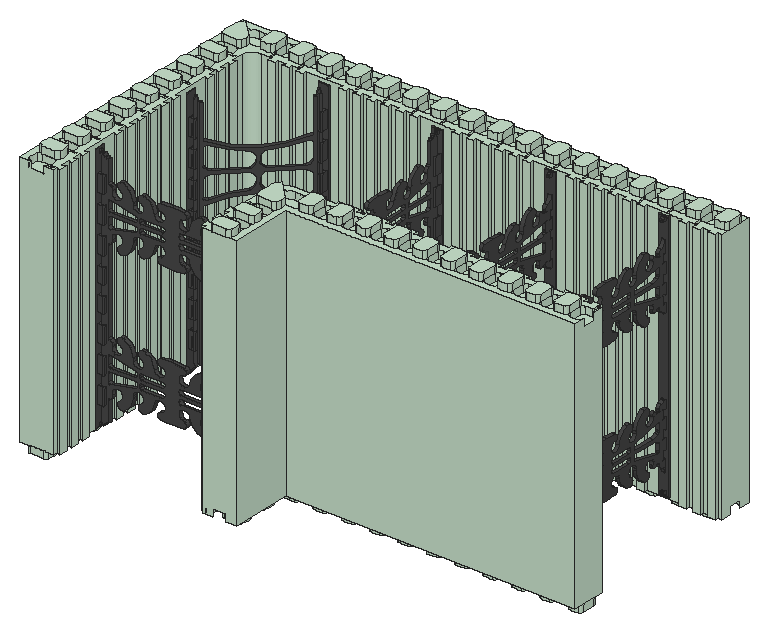
Revit family "ICF- NUDURA 10-inch- 90 Degree Form Unit- Imperial", category Generic Models, Revit 2010 (continued)
Definition of nested family "NUDURA Diamond Pattern Missing Left Line"
  Lines and regions (in)
    model lines
      curve 74: arc (3.81706, -5.625, 10.69822) -> (3.99384, -5.625, 10.625) -> (4.17062, -5.625, 10.69822) r 0.25
      curve 75: line (4.17062, -5.625, 10.69822) -> (4.54562, -5.625, 11.07322)
      curve 76: arc (4.54562, -5.625, 11.07322) -> (4.61884, -5.625, 11.25) -> (4.54562, -5.625, 11.42678) r 0.25
      curve 77: line (4.54562, -5.625, 11.42678) -> (4.17062, -5.625, 11.80178)
      curve 78: arc (3.69709, -5.625, 10.35858) -> (3.75567, -5.625, 10.5) -> (3.69709, -5.625, 10.64142) r 0.2
      curve 79: line (4.634, -5.625, 10.01517) -> (4.29059, -5.625, 10.35858)
      curve 80: arc (4.634, -5.625, 9.48484) -> (4.74384, -5.625, 9.75) -> (4.634, -5.625, 10.01517) r 0.375
      curve 81: line (4.29059, -5.625, 9.14142) -> (4.634, -5.625, 9.48484)
      curve 82: line (3.35367, -5.625, 9.48484) -> (3.69709, -5.625, 9.14142)
      curve 83: arc (3.35367, -5.625, 10.01517) -> (3.24384, -5.625, 9.75) -> (3.35367, -5.625, 9.48484) r 0.375
      curve 84: line (3.69709, -5.625, 10.35858) -> (3.35367, -5.625, 10.01517)
      curve 85: arc (4.17062, -5.625, 10.30178) -> (3.99384, -5.625, 10.375) -> (3.81706, -5.625, 10.30178) r 0.25
      curve 86: line (3.81706, -5.625, 10.30178) -> (3.44206, -5.625, 9.92678)
      curve 87: arc (3.44206, -5.625, 9.92678) -> (3.36884, -5.625, 9.75) -> (3.44206, -5.625, 9.57322) r 0.25
      curve 88: line (3.44206, -5.625, 9.57322) -> (3.81706, -5.625, 9.19822)
      curve 89: arc (3.81706, -5.625, 9.19822) -> (3.99384, -5.625, 9.125) -> (4.17062, -5.625, 9.19822) r 0.25
      curve 90: line (4.17062, -5.625, 9.19822) -> (4.54562, -5.625, 9.57322)
      curve 91: arc (4.54562, -5.625, 9.57322) -> (4.61884, -5.625, 9.75) -> (4.54562, -5.625, 9.92678) r 0.25
      curve 92: line (4.54562, -5.625, 9.92678) -> (4.17062, -5.625, 10.30178)
      curve 93: arc (3.69709, -5.625, 8.85858) -> (3.75567, -5.625, 9) -> (3.69709, -5.625, 9.14142) r 0.2
      curve 94: line (4.634, -5.625, 8.51517) -> (4.29059, -5.625, 8.85858)
      curve 95: arc (4.634, -5.625, 7.98484) -> (4.74384, -5.625, 8.25) -> (4.634, -5.625, 8.51517) r 0.375
      curve 96: line (4.29059, -5.625, 7.64142) -> (4.634, -5.625, 7.98484)
      curve 97: line (3.35367, -5.625, 7.98484) -> (3.69709, -5.625, 7.64142)
      curve 98: arc (3.35367, -5.625, 8.51517) -> (3.24384, -5.625, 8.25) -> (3.35367, -5.625, 7.98484) r 0.375
      curve 99: line (3.69709, -5.625, 8.85858) -> (3.35367, -5.625, 8.51517)
      curve 100: arc (4.17062, -5.625, 8.80178) -> (3.99384, -5.625, 8.875) -> (3.81706, -5.625, 8.80178) r 0.25
      curve 101: line (3.81706, -5.625, 8.80178) -> (3.44206, -5.625, 8.42678)
      curve 102: arc (3.44206, -5.625, 8.42678) -> (3.36884, -5.625, 8.25) -> (3.44206, -5.625, 8.07322) r 0.25
      curve 103: line (3.44206, -5.625, 8.07322) -> (3.81706, -5.625, 7.69822)
      curve 104: arc (3.81706, -5.625, 7.69822) -> (3.99384, -5.625, 7.625) -> (4.17062, -5.625, 7.69822) r 0.25
      curve 105: line (4.17062, -5.625, 7.69822) -> (4.54562, -5.625, 8.07322)
      curve 106: arc (4.54562, -5.625, 8.07322) -> (4.61884, -5.625, 8.25) -> (4.54562, -5.625, 8.42678) r 0.25
      curve 107: line (4.54562, -5.625, 8.42678) -> (4.17062, -5.625, 8.80178)
      curve 108: arc (3.69709, -5.625, 7.35858) -> (3.75567, -5.625, 7.5) -> (3.69709, -5.625, 7.64142) r 0.2
      curve 109: line (4.634, -5.625, 7.01517) -> (4.29059, -5.625, 7.35858)
      curve 110: arc (4.634, -5.625, 6.48484) -> (4.74384, -5.625, 6.75) -> (4.634, -5.625, 7.01517) r 0.375
      curve 111: line (4.29059, -5.625, 6.14142) -> (4.634, -5.625, 6.48484)
      curve 112: line (3.35367, -5.625, 6.48484) -> (3.69709, -5.625, 6.14142)
      curve 113: arc (3.35367, -5.625, 7.01517) -> (3.24384, -5.625, 6.75) -> (3.35367, -5.625, 6.48484) r 0.375
      curve 114: line (3.69709, -5.625, 7.35858) -> (3.35367, -5.625, 7.01517)
      curve 115: arc (4.17062, -5.625, 7.30178) -> (3.99384, -5.625, 7.375) -> (3.81706, -5.625, 7.30178) r 0.25
      curve 116: line (3.81706, -5.625, 7.30178) -> (3.44206, -5.625, 6.92678)
      curve 117: arc (3.44206, -5.625, 6.92678) -> (3.36884, -5.625, 6.75) -> (3.44206, -5.625, 6.57322) r 0.25
      curve 118: line (3.44206, -5.625, 6.57322) -> (3.81706, -5.625, 6.19822)
      curve 119: arc (3.81706, -5.625, 6.19822) -> (3.99384, -5.625, 6.125) -> (4.17062, -5.625, 6.19822) r 0.25
      curve 120: line (4.17062, -5.625, 6.19822) -> (4.54562, -5.625, 6.57322)
      curve 121: arc (4.54562, -5.625, 6.57322) -> (4.61884, -5.625, 6.75) -> (4.54562, -5.625, 6.92678) r 0.25
      curve 122: line (4.54562, -5.625, 6.92678) -> (4.17062, -5.625, 7.30178)
      curve 123: arc (3.69709, -5.625, 5.85858) -> (3.75567, -5.625, 6) -> (3.69709, -5.625, 6.14142) r 0.2
      curve 124: line (4.634, -5.625, 5.51517) -> (4.29059, -5.625, 5.85858)
      curve 125: arc (4.634, -5.625, 4.98484) -> (4.74384, -5.625, 5.25) -> (4.634, -5.625, 5.51517) r 0.375
      curve 126: line (4.29059, -5.625, 4.64142) -> (4.634, -5.625, 4.98484)
      curve 127: line (3.35367, -5.625, 4.98484) -> (3.69709, -5.625, 4.64142)
      curve 128: arc (3.35367, -5.625, 5.51517) -> (3.24384, -5.625, 5.25) -> (3.35367, -5.625, 4.98484) r 0.375
      curve 129: line (3.69709, -5.625, 5.85858) -> (3.35367, -5.625, 5.51517)
      curve 130: arc (4.17062, -5.625, 5.80178) -> (3.99384, -5.625, 5.875) -> (3.81706, -5.625, 5.80178) r 0.25
      curve 131: line (3.81706, -5.625, 5.80178) -> (3.44206, -5.625, 5.42678)
      curve 132: arc (3.44206, -5.625, 5.42678) -> (3.36884, -5.625, 5.25) -> (3.44206, -5.625, 5.07322) r 0.25
      curve 133: line (3.44206, -5.625, 5.07322) -> (3.81706, -5.625, 4.69822)
      curve 134: arc (3.81706, -5.625, 4.69822) -> (3.99384, -5.625, 4.625) -> (4.17062, -5.625, 4.69822) r 0.25
      curve 135: line (4.17062, -5.625, 4.69822) -> (4.54562, -5.625, 5.07322)
      curve 136: arc (4.54562, -5.625, 5.07322) -> (4.61884, -5.625, 5.25) -> (4.54562, -5.625, 5.42678) r 0.25
      curve 137: line (4.54562, -5.625, 5.42678) -> (4.17062, -5.625, 5.80178)
      curve 138: arc (3.69709, -5.625, 4.35858) -> (3.75567, -5.625, 4.5) -> (3.69709, -5.625, 4.64142) r 0.2
      curve 139: line (4.634, -5.625, 4.01517) -> (4.29059, -5.625, 4.35858)
      curve 140: arc (4.634, -5.625, 3.48484) -> (4.74384, -5.625, 3.75) -> (4.634, -5.625, 4.01517) r 0.375
      curve 141: line (4.29059, -5.625, 3.14142) -> (4.634, -5.625, 3.48484)
      curve 142: line (3.35367, -5.625, 3.48484) -> (3.69709, -5.625, 3.14142)
      curve 143: arc (3.35367, -5.625, 4.01517) -> (3.24384, -5.625, 3.75) -> (3.35367, -5.625, 3.48484) r 0.375
      curve 144: line (3.69709, -5.625, 4.35858) -> (3.35367, -5.625, 4.01517)
      curve 145: arc (4.17062, -5.625, 4.30178) -> (3.99384, -5.625, 4.375) -> (3.81706, -5.625, 4.30178) r 0.25
      curve 146: line (3.81706, -5.625, 4.30178) -> (3.44206, -5.625, 3.92678)
      curve 147: arc (3.44206, -5.625, 3.92678) -> (3.36884, -5.625, 3.75) -> (3.44206, -5.625, 3.57322) r 0.25
      curve 148: line (3.44206, -5.625, 3.57322) -> (3.81706, -5.625, 3.19822)
      curve 149: arc (3.81706, -5.625, 3.19822) -> (3.99384, -5.625, 3.125) -> (4.17062, -5.625, 3.19822) r 0.25
      curve 150: line (4.17062, -5.625, 3.19822) -> (4.54562, -5.625, 3.57322)
      curve 151: arc (4.54562, -5.625, 3.57322) -> (4.61884, -5.625, 3.75) -> (4.54562, -5.625, 3.92678) r 0.25
      curve 152: line (4.54562, -5.625, 3.92678) -> (4.17062, -5.625, 4.30178)
      curve 153: arc (3.69709, -5.625, 2.85858) -> (3.75567, -5.625, 3) -> (3.69709, -5.625, 3.14142) r 0.2
      curve 154: line (4.634, -5.625, 2.51517) -> (4.29059, -5.625, 2.85858)
      curve 155: arc (4.634, -5.625, 1.98484) -> (4.74384, -5.625, 2.25) -> (4.634, -5.625, 2.51517) r 0.375
      curve 156: line (4.29059, -5.625, 1.64142) -> (4.634, -5.625, 1.98484)
      curve 157: line (3.35367, -5.625, 1.98484) -> (3.69709, -5.625, 1.64142)
      curve 158: arc (3.35367, -5.625, 2.51517) -> (3.24384, -5.625, 2.25) -> (3.35367, -5.625, 1.98484) r 0.375
      curve 159: line (3.69709, -5.625, 2.85858) -> (3.35367, -5.625, 2.51517)
      curve 160: arc (4.17062, -5.625, 2.80178) -> (3.99384, -5.625, 2.875) -> (3.81706, -5.625, 2.80178) r 0.25
      curve 161: line (3.81706, -5.625, 2.80178) -> (3.44206, -5.625, 2.42678)
      curve 162: arc (3.44206, -5.625, 2.42678) -> (3.36884, -5.625, 2.25) -> (3.44206, -5.625, 2.07322) r 0.25
      curve 163: line (3.44206, -5.625, 2.07322) -> (3.81706, -5.625, 1.69822)
      curve 164: arc (3.81706, -5.625, 1.69822) -> (3.99384, -5.625, 1.625) -> (4.17062, -5.625, 1.69822) r 0.25
      curve 165: line (4.17062, -5.625, 1.69822) -> (4.54562, -5.625, 2.07322)
      curve 166: arc (4.54562, -5.625, 2.07322) -> (4.61884, -5.625, 2.25) -> (4.54562, -5.625, 2.42678) r 0.25
      curve 167: line (4.54562, -5.625, 2.42678) -> (4.17062, -5.625, 2.80178)
      curve 168: arc (3.69709, -5.625, 1.35858) -> (3.75567, -5.625, 1.5) -> (3.69709, -5.625, 1.64142) r 0.2
      curve 169: line (3.69709, -5.625, 1.35858) -> (3.35367, -5.625, 1.01517)
      curve 170: arc (3.35367, -5.625, 1.01517) -> (3.24384, -5.625, 0.75) -> (3.35367, -5.625, 0.48484) r 0.375
      curve 171: line (3.35367, -5.625, 0.48484) -> (3.72867, -5.625, 0.10984)
      curve 172: arc (3.72867, -5.625, 0.10984) -> (3.99384, -5.625, 0) -> (4.259, -5.625, 0.10984) r 0.375
      curve 173: line (4.259, -5.625, 0.10984) -> (4.634, -5.625, 0.48484)
      curve 174: arc (4.634, -5.625, 0.48484) -> (4.74384, -5.625, 0.75) -> (4.634, -5.625, 1.01517) r 0.375
      curve 175: line (4.634, -5.625, 1.01517) -> (4.29059, -5.625, 1.35858)
      curve 176: arc (4.29059, -5.625, 1.64142) -> (4.23201, -5.625, 1.5) -> (4.29059, -5.625, 1.35858) r 0.2
      curve 177: arc (4.17062, -5.625, 1.30178) -> (3.99384, -5.625, 1.375) -> (3.81706, -5.625, 1.30178) r 0.25
      curve 178: line (4.54562, -5.625, 0.92678) -> (4.17062, -5.625, 1.30178)
      curve 179: arc (4.54562, -5.625, 0.57322) -> (4.61884, -5.625, 0.75) -> (4.54562, -5.625, 0.92678) r 0.25
      curve 180: line (4.17062, -5.625, 0.19822) -> (4.54562, -5.625, 0.57322)
      curve 181: arc (3.81706, -5.625, 0.19822) -> (3.99384, -5.625, 0.125) -> (4.17062, -5.625, 0.19822) r 0.25
      curve 182: line (3.44206, -5.625, 0.57322) -> (3.81706, -5.625, 0.19822)
      curve 183: arc (3.44206, -5.625, 0.92678) -> (3.36884, -5.625, 0.75) -> (3.44206, -5.625, 0.57322) r 0.25
      curve 184: line (3.81706, -5.625, 1.30178) -> (3.44206, -5.625, 0.92678)
      curve 185: arc (4.29059, -5.625, 3.14142) -> (4.23201, -5.625, 3) -> (4.29059, -5.625, 2.85858) r 0.2
      curve 186: arc (4.29059, -5.625, 4.64142) -> (4.23201, -5.625, 4.5) -> (4.29059, -5.625, 4.35858) r 0.2
      curve 187: arc (4.29059, -5.625, 6.14142) -> (4.23201, -5.625, 6) -> (4.29059, -5.625, 5.85858) r 0.2
      curve 188: arc (4.29059, -5.625, 7.64142) -> (4.23201, -5.625, 7.5) -> (4.29059, -5.625, 7.35858) r 0.2
      curve 189: arc (4.29059, -5.625, 9.14142) -> (4.23201, -5.625, 9) -> (4.29059, -5.625, 8.85858) r 0.2
      curve 190: arc (4.29059, -5.625, 10.64142) -> (4.23201, -5.625, 10.5) -> (4.29059, -5.625, 10.35858) r 0.2
      curve 191: arc (4.29059, -5.625, 12.14142) -> (4.23201, -5.625, 12) -> (4.29059, -5.625, 11.85858) r 0.2
      curve 192: arc (4.29059, -5.625, 13.64142) -> (4.23201, -5.625, 13.5) -> (4.29059, -5.625, 13.35858) r 0.2
      curve 193: arc (4.29059, -5.625, 15.14142) -> (4.23201, -5.625, 15) -> (4.29059, -5.625, 14.85858) r 0.2
      curve 194: arc (4.29059, -5.625, 16.64142) -> (4.23201, -5.625, 16.5) -> (4.29059, -5.625, 16.35858) r 0.2
Definition of nested family "NUDURA Logo Diamond"
  Reference planes (in)
    plane 1 "Center (Front/Back)": y = 0
    plane 2: z = 0
    plane 3 "Center (Left/Right)": x = 0
  Lines and regions (in)
    model lines
      curve 1: line (12.59848, 0, 17.50104) -> (12.24492, 0, 17.85459)
      curve 2: line (12.36113, 0, 16.76872) -> (12.59848, 0, 17.00607)
      curve 3: line (12.59848, 0, 16.00104) -> (12.36113, 0, 16.23839)
      curve 4: line (12.36113, 0, 15.26872) -> (12.59848, 0, 15.50607)
      curve 5: line (12.59848, 0, 14.50104) -> (12.36113, 0, 14.73839)
      curve 6: line (12.36113, 0, 13.76872) -> (12.59848, 0, 14.00607)
      curve 7: line (12.17421, 0, 13.28388) -> (12.71208, 0, 12.74602)
      curve 8: line (12.71208, 0, 12.74602) -> (12.78279, 0, 12.81673)
      curve 9: line (11.28279, 0, 12.74602) -> (11.82066, 0, 13.28388)
      curve 10: line (11.63374, 0, 13.23839) -> (11.21208, 0, 12.81673)
      curve 11: line (11.3964, 0, 14.00607) -> (11.63374, 0, 13.76872)
      curve 12: line (11.63374, 0, 14.73839) -> (11.3964, 0, 14.50104)
      curve 13: line (11.3964, 0, 15.50607) -> (11.63374, 0, 15.26872)
      curve 14: line (11.63374, 0, 16.23839) -> (11.3964, 0, 16.00104)
      curve 15: line (11.3964, 0, 17.00607) -> (11.63374, 0, 16.76872)
      curve 16: line (11.74995, 0, 17.85459) -> (11.3964, 0, 17.50104)
      curve 17: line (11.82066, 0, 17.78388) -> (11.46711, 0, 17.43033)
      curve 18: line (12.52777, 0, 17.43033) -> (12.17421, 0, 17.78388)
      curve 19: line (12.17421, 0, 16.72322) -> (12.52777, 0, 17.07678)
      curve 20: line (11.46711, 0, 17.07678) -> (11.82066, 0, 16.72322)
      curve 21: arc (11.3964, 0, 17.50104) -> (11.29388, 0, 17.25355) -> (11.3964, 0, 17.00607) r 0.35
      curve 22: arc (11.74995, 0, 17.85459) -> (11.99744, 0, 17.95711) -> (12.24492, 0, 17.85459) r 0.35
      curve 23: arc (11.46711, 0, 17.43033) -> (11.39388, 0, 17.25355) -> (11.46711, 0, 17.07678) r 0.25
      curve 24: arc (12.52777, 0, 17.43033) -> (12.60099, 0, 17.25355) -> (12.52777, 0, 17.07678) r 0.25
      curve 25: arc (12.17421, 0, 16.72322) -> (11.99744, 0, 16.65) -> (11.82066, 0, 16.72322) r 0.25
      curve 26: arc (11.82066, 0, 17.78388) -> (11.99744, 0, 17.85711) -> (12.17421, 0, 17.78388) r 0.25
      curve 27: arc (12.59848, 0, 17.50104) -> (12.70099, 0, 17.25355) -> (12.59848, 0, 17.00607) r 0.35
      curve 28: arc (11.63374, 0, 16.76872) -> (11.74358, 0, 16.50355) -> (11.63374, 0, 16.23839) r 0.375
      curve 29: arc (12.36113, 0, 16.76872) -> (12.2513, 0, 16.50355) -> (12.36113, 0, 16.23839) r 0.375
      curve 30: line (12.36113, 0, 15.26872) -> (12.59848, 0, 15.50607)
      curve 31: line (11.3964, 0, 15.50607) -> (11.63374, 0, 15.26872)
      curve 32: line (11.82066, 0, 16.28388) -> (11.46711, 0, 15.93033)
      curve 33: line (12.52777, 0, 15.93033) -> (12.17421, 0, 16.28388)
      curve 34: line (12.17421, 0, 15.22322) -> (12.52777, 0, 15.57678)
      curve 35: line (11.46711, 0, 15.57678) -> (11.82066, 0, 15.22322)
      curve 36: arc (11.3964, 0, 16.00104) -> (11.29388, 0, 15.75355) -> (11.3964, 0, 15.50607) r 0.35
      curve 37: arc (11.46711, 0, 15.93033) -> (11.39388, 0, 15.75355) -> (11.46711, 0, 15.57678) r 0.25
      curve 38: arc (12.52777, 0, 15.93033) -> (12.60099, 0, 15.75355) -> (12.52777, 0, 15.57678) r 0.25
      curve 39: arc (12.17421, 0, 15.22322) -> (11.99744, 0, 15.15) -> (11.82066, 0, 15.22322) r 0.25
      curve 40: arc (11.82066, 0, 16.28388) -> (11.99744, 0, 16.35711) -> (12.17421, 0, 16.28388) r 0.25
      curve 41: arc (12.59848, 0, 16.00104) -> (12.70099, 0, 15.75355) -> (12.59848, 0, 15.50607) r 0.35
      curve 42: line (11.63374, 0, 16.23839) -> (11.3964, 0, 16.00104)
      curve 43: line (12.59848, 0, 16.00104) -> (12.36113, 0, 16.23839)
      curve 44: arc (11.63374, 0, 15.26872) -> (11.74358, 0, 15.00355) -> (11.63374, 0, 14.73839) r 0.375
      curve 45: arc (12.36113, 0, 15.26872) -> (12.2513, 0, 15.00355) -> (12.36113, 0, 14.73839) r 0.375
      curve 46: line (12.36113, 0, 13.76872) -> (12.59848, 0, 14.00607)
      curve 47: line (11.3964, 0, 14.00607) -> (11.63374, 0, 13.76872)
      curve 48: line (11.82066, 0, 14.78388) -> (11.46711, 0, 14.43033)
      curve 49: line (12.52777, 0, 14.43033) -> (12.17421, 0, 14.78388)
      curve 50: line (12.17421, 0, 13.72322) -> (12.52777, 0, 14.07678)
      curve 51: line (11.46711, 0, 14.07678) -> (11.82066, 0, 13.72322)
      curve 52: arc (11.3964, 0, 14.50104) -> (11.29388, 0, 14.25355) -> (11.3964, 0, 14.00607) r 0.35
      curve 53: arc (11.46711, 0, 14.43033) -> (11.39388, 0, 14.25355) -> (11.46711, 0, 14.07678) r 0.25
      curve 54: arc (12.52777, 0, 14.43033) -> (12.60099, 0, 14.25355) -> (12.52777, 0, 14.07678) r 0.25
      curve 55: arc (12.17421, 0, 13.72322) -> (11.99744, 0, 13.65) -> (11.82066, 0, 13.72322) r 0.25
      curve 56: arc (11.82066, 0, 14.78388) -> (11.99744, 0, 14.85711) -> (12.17421, 0, 14.78388) r 0.25
      curve 57: arc (12.59848, 0, 14.50104) -> (12.70099, 0, 14.25355) -> (12.59848, 0, 14.00607) r 0.35
      curve 58: line (11.63374, 0, 14.73839) -> (11.3964, 0, 14.50104)
      curve 59: arc (11.63374, 0, 13.76872) -> (11.74358, 0, 13.50355) -> (11.63374, 0, 13.23839) r 0.375
      curve 60: arc (12.36113, 0, 13.76872) -> (12.2513, 0, 13.50355) -> (12.36113, 0, 13.23839) r 0.375
      curve 61: line (12.78279, 0, 12.81673) -> (12.36113, 0, 13.23839)
      curve 62: line (11.21208, 0, 12.81673) -> (11.28279, 0, 12.74602)
      curve 63: arc (11.82066, 0, 13.28388) -> (11.99744, 0, 13.35711) -> (12.17421, 0, 13.28388) r 0.25
      curve 64: line (12.59848, 0, 0.50607) -> (12.24492, 0, 0.15251)
      curve 65: line (12.36113, 0, 1.23839) -> (12.59848, 0, 1.00104)
      curve 66: line (12.59848, 0, 2.00607) -> (12.36113, 0, 1.76872)
      curve 67: line (12.36113, 0, 2.73839) -> (12.59848, 0, 2.50104)
      curve 68: line (12.59848, 0, 3.50607) -> (12.36113, 0, 3.26872)
      curve 69: line (12.36113, 0, 4.23839) -> (12.59848, 0, 4.00104)
      curve 70: line (12.17421, 0, 4.72322) -> (12.71208, 0, 5.26109)
      curve 71: line (12.71208, 0, 5.26109) -> (12.78279, 0, 5.19038)
      curve 72: line (11.28279, 0, 5.26109) -> (11.82066, 0, 4.72322)
      curve 73: line (11.63374, 0, 4.76872) -> (11.21208, 0, 5.19038)
      curve 74: line (11.3964, 0, 4.00104) -> (11.63374, 0, 4.23839)
      curve 75: line (11.63374, 0, 3.26872) -> (11.3964, 0, 3.50607)
      curve 76: line (11.3964, 0, 2.50104) -> (11.63374, 0, 2.73839)
      curve 77: line (11.63374, 0, 1.76872) -> (11.3964, 0, 2.00607)
      curve 78: line (11.3964, 0, 1.00104) -> (11.63374, 0, 1.23839)
      curve 79: line (11.74995, 0, 0.15251) -> (11.3964, 0, 0.50607)
      curve 80: line (11.82066, 0, 0.22322) -> (11.46711, 0, 0.57678)
      curve 81: line (12.52777, 0, 0.57678) -> (12.17421, 0, 0.22322)
      curve 82: line (12.17421, 0, 1.28388) -> (12.52777, 0, 0.93033)
      curve 83: line (11.46711, 0, 0.93033) -> (11.82066, 0, 1.28388)
      curve 84: arc (11.3964, 0, 0.50607) -> (11.29388, 0, 0.75355) -> (11.3964, 0, 1.00104) r 0.35
      curve 85: arc (11.74995, 0, 0.15251) -> (11.99744, 0, 0.05) -> (12.24492, 0, 0.15251) r 0.35
      curve 86: arc (11.46711, 0, 0.57678) -> (11.39388, 0, 0.75355) -> (11.46711, 0, 0.93033) r 0.25
      curve 87: arc (12.52777, 0, 0.57678) -> (12.60099, 0, 0.75355) -> (12.52777, 0, 0.93033) r 0.25
      curve 88: arc (12.17421, 0, 1.28388) -> (11.99744, 0, 1.35711) -> (11.82066, 0, 1.28388) r 0.25
      curve 89: arc (11.82066, 0, 0.22322) -> (11.99744, 0, 0.15) -> (12.17421, 0, 0.22322) r 0.25
      curve 90: arc (12.59848, 0, 0.50607) -> (12.70099, 0, 0.75355) -> (12.59848, 0, 1.00104) r 0.35
      curve 91: arc (11.63374, 0, 1.23839) -> (11.74358, 0, 1.50355) -> (11.63374, 0, 1.76872) r 0.375
      curve 92: arc (12.36113, 0, 1.23839) -> (12.2513, 0, 1.50355) -> (12.36113, 0, 1.76872) r 0.375
      curve 93: line (12.36113, 0, 2.73839) -> (12.59848, 0, 2.50104)
      curve 94: line (11.3964, 0, 2.50104) -> (11.63374, 0, 2.73839)
      curve 95: line (11.82066, 0, 1.72322) -> (11.46711, 0, 2.07678)
      curve 96: line (12.52777, 0, 2.07678) -> (12.17421, 0, 1.72322)
      curve 97: line (12.17421, 0, 2.78388) -> (12.52777, 0, 2.43033)
      curve 98: line (11.46711, 0, 2.43033) -> (11.82066, 0, 2.78388)
      curve 99: arc (11.3964, 0, 2.00607) -> (11.29388, 0, 2.25355) -> (11.3964, 0, 2.50104) r 0.35
      curve 100: arc (11.46711, 0, 2.07678) -> (11.39388, 0, 2.25355) -> (11.46711, 0, 2.43033) r 0.25
      curve 101: arc (12.52777, 0, 2.07678) -> (12.60099, 0, 2.25355) -> (12.52777, 0, 2.43033) r 0.25
      curve 102: arc (12.17421, 0, 2.78388) -> (11.99744, 0, 2.85711) -> (11.82066, 0, 2.78388) r 0.25
      curve 103: arc (11.82066, 0, 1.72322) -> (11.99744, 0, 1.65) -> (12.17421, 0, 1.72322) r 0.25
      curve 104: arc (12.59848, 0, 2.00607) -> (12.70099, 0, 2.25355) -> (12.59848, 0, 2.50104) r 0.35
      curve 105: line (11.63374, 0, 1.76872) -> (11.3964, 0, 2.00607)
      curve 106: line (12.59848, 0, 2.00607) -> (12.36113, 0, 1.76872)
      curve 107: arc (11.63374, 0, 2.73839) -> (11.74358, 0, 3.00355) -> (11.63374, 0, 3.26872) r 0.375
      curve 108: arc (12.36113, 0, 2.73839) -> (12.2513, 0, 3.00355) -> (12.36113, 0, 3.26872) r 0.375
      curve 109: line (12.36113, 0, 4.23839) -> (12.59848, 0, 4.00104)
      curve 110: line (11.3964, 0, 4.00104) -> (11.63374, 0, 4.23839)
      curve 111: line (11.82066, 0, 3.22322) -> (11.46711, 0, 3.57678)
      curve 112: line (12.52777, 0, 3.57678) -> (12.17421, 0, 3.22322)
      curve 113: line (12.17421, 0, 4.28388) -> (12.52777, 0, 3.93033)
      curve 114: line (11.46711, 0, 3.93033) -> (11.82066, 0, 4.28388)
      curve 115: arc (11.3964, 0, 3.50607) -> (11.29388, 0, 3.75355) -> (11.3964, 0, 4.00104) r 0.35
      curve 116: arc (11.46711, 0, 3.57678) -> (11.39388, 0, 3.75355) -> (11.46711, 0, 3.93033) r 0.25
      curve 117: arc (12.52777, 0, 3.57678) -> (12.60099, 0, 3.75355) -> (12.52777, 0, 3.93033) r 0.25
      curve 118: arc (12.17421, 0, 4.28388) -> (11.99744, 0, 4.35711) -> (11.82066, 0, 4.28388) r 0.25
      curve 119: arc (11.82066, 0, 3.22322) -> (11.99744, 0, 3.15) -> (12.17421, 0, 3.22322) r 0.25
      curve 120: arc (12.59848, 0, 3.50607) -> (12.70099, 0, 3.75355) -> (12.59848, 0, 4.00104) r 0.35
      curve 121: line (11.63374, 0, 3.26872) -> (11.3964, 0, 3.50607)
      curve 122: arc (11.63374, 0, 4.23839) -> (11.74358, 0, 4.50355) -> (11.63374, 0, 4.76872) r 0.375
      curve 123: arc (12.36113, 0, 4.23839) -> (12.2513, 0, 4.50355) -> (12.36113, 0, 4.76872) r 0.375
      curve 124: line (12.78279, 0, 5.19038) -> (12.36113, 0, 4.76872)
      curve 125: line (11.21208, 0, 5.19038) -> (11.28279, 0, 5.26109)
      curve 126: arc (11.82066, 0, 4.72322) -> (11.99744, 0, 4.65) -> (12.17421, 0, 4.72322) r 0.25
      curve 127: line (12.37244, 0, 12.50355) -> (11.62244, 0, 12.50355)
      curve 128: line (12.74744, 0, 5.87855) -> (12.74744, 0, 12.12855)
      curve 129: line (11.24744, 0, 12.12855) -> (11.24744, 0, 5.87855)
      curve 130: line (11.62244, 0, 5.50355) -> (12.37244, 0, 5.50355)
      curve 131: line (12.47232, 0, 12.00355) -> (12.0393, 0, 12.25355)
      curve 132: line (12.47232, 0, 11.50355) -> (12.47232, 0, 12.00355)
      curve 133: line (12.25581, 0, 11.37855) -> (12.47232, 0, 11.50355)
      curve 134: line (12.02256, 0, 11.51322) -> (12.25581, 0, 11.37855)
      curve 135: line (12.22232, 0, 11.62855) -> (12.02256, 0, 11.51322)
      curve 136: line (11.80605, 0, 12.11888) -> (12.22232, 0, 11.87855)
      curve 137: line (12.22232, 0, 11.87855) -> (12.22232, 0, 11.62855)
      curve 138: line (12.0393, 0, 12.25355) -> (11.80605, 0, 12.11888)
      curve 139: line (11.77256, 0, 11.63822) -> (11.97232, 0, 11.75355)
      curve 140: line (11.97232, 0, 11.75355) -> (11.73906, 0, 11.88822)
      curve 141: line (11.73906, 0, 11.88822) -> (11.52256, 0, 11.76322)
      curve 142: line (11.52256, 0, 11.76322) -> (11.52256, 0, 11.26322)
      curve 143: line (11.77256, 0, 11.38822) -> (11.77256, 0, 11.63822)
      curve 144: line (12.18882, 0, 11.14789) -> (11.77256, 0, 11.38822)
      curve 145: line (11.95557, 0, 11.01322) -> (12.18882, 0, 11.14789)
      curve 146: line (11.52256, 0, 11.26322) -> (11.95557, 0, 11.01322)
      curve 147: line (12.31108, 0, 10.60411) -> (11.68379, 0, 10.74458)
      curve 148: line (11.68379, 0, 10.74458) -> (11.68379, 0, 10.51321)
      curve 149: line (11.68379, 0, 10.51321) -> (12.1295, 0, 10.41405)
      curve 150: line (12.1295, 0, 10.41405) -> (11.68379, 0, 10.27358)
      curve 151: line (11.68379, 0, 10.27358) -> (11.68379, 0, 9.8852)
      curve 152: line (11.68379, 0, 9.8852) -> (12.17077, 0, 9.77615)
      curve 153: line (12.17077, 0, 9.77615) -> (12.17077, 0, 9.74472)
      curve 154: line (12.17077, 0, 9.74472) -> (11.86146, 0, 9.80279)
      curve 155: line (11.68379, 0, 9.65536) -> (11.68379, 0, 9.35864)
      curve 156: line (12.07077, 0, 8.74385) -> (12.07077, 0, 8.99996)
      curve 157: line (12.07077, 0, 8.99996) -> (11.68379, 0, 9.08605)
      curve 158: line (11.68379, 0, 9.08605) -> (11.68379, 0, 8.47809)
      curve 159: line (11.91823, 0, 9.06589) -> (12.31108, 0, 8.97792)
      curve 160: line (11.82444, 0, 8.55476) -> (11.82444, 0, 8.79865)
      curve 161: line (11.82444, 0, 8.79865) -> (12.07077, 0, 8.74385)
      curve 162: line (11.68379, 0, 8.07193) -> (11.68379, 0, 7.77522)
      curve 163: line (11.91823, 0, 7.48247) -> (12.21108, 0, 7.41688)
      curve 164: line (12.21108, 0, 7.41688) -> (12.21108, 0, 6.95405)
      curve 165: line (12.16108, 0, 6.90405) -> (12.12077, 0, 6.90405)
      curve 166: line (12.07077, 0, 6.95405) -> (12.07077, 0, 7.08675)
      curve 167: line (12.07077, 0, 7.08675) -> (12.12077, 0, 7.07556)
      curve 168: line (12.12077, 0, 7.07556) -> (12.12077, 0, 7.33463)
      curve 169: line (12.12077, 0, 7.33463) -> (11.68379, 0, 7.43249)
      curve 170: line (11.68379, 0, 7.43249) -> (11.68379, 0, 7.17341)
      curve 171: line (11.68379, 0, 7.17341) -> (11.97077, 0, 7.10915)
      curve 172: line (11.97077, 0, 7.10915) -> (11.97077, 0, 6.99425)
      curve 173: line (11.92077, 0, 6.94425) -> (11.68379, 0, 6.94425)
      curve 174: line (11.68379, 0, 6.94425) -> (11.68379, 0, 6.45682)
      curve 175: line (11.68379, 0, 6.45682) -> (11.78284, 0, 6.38658)
      curve 176: line (11.78284, 0, 6.38658) -> (11.78284, 0, 6.05178)
      curve 177: line (12.12371, 0, 6.14486) -> (11.88284, 0, 6.31567)
      curve 178: line (11.88284, 0, 6.31567) -> (11.88284, 0, 6.07909)
      curve 179: line (11.88284, 0, 6.07909) -> (12.12371, 0, 6.14486)
      curve 180: line (11.78284, 0, 6.05178) -> (11.68379, 0, 6.02474)
      curve 181: line (11.68379, 0, 6.02474) -> (11.68379, 0, 5.75355)
      curve 182: line (11.68379, 0, 5.75355) -> (12.31108, 0, 5.92483)
      curve 183: line (12.31108, 0, 5.92483) -> (12.31108, 0, 6.28791)
      curve 184: line (12.31108, 0, 6.28791) -> (11.76249, 0, 6.67694)
      curve 185: line (11.76249, 0, 6.67694) -> (11.90321, 0, 6.67694)
      curve 186: line (12.31108, 0, 6.78674) -> (12.31108, 0, 7.63562)
      curve 187: line (12.31108, 0, 7.63562) -> (11.90258, 0, 7.7271)
      curve 188: line (11.82444, 0, 7.82469) -> (11.82444, 0, 7.92839)
      curve 189: line (11.88536, 0, 7.97718) -> (12.31108, 0, 7.88185)
      curve 190: line (12.31108, 0, 7.88185) -> (12.31108, 0, 8.13496)
      curve 191: line (12.31108, 0, 8.13496) -> (12.08042, 0, 8.17826)
      curve 192: line (12.31108, 0, 8.38353) -> (12.31108, 0, 8.9465)
      curve 193: line (12.31108, 0, 8.9465) -> (12.17077, 0, 8.97771)
      curve 194: line (12.17077, 0, 8.97771) -> (12.17077, 0, 8.55476)
      curve 195: line (12.31108, 0, 8.97792) -> (12.31108, 0, 9.21905)
      curve 196: line (12.31108, 0, 9.21905) -> (11.90258, 0, 9.31053)
      curve 197: line (11.82444, 0, 9.40811) -> (11.82444, 0, 9.51182)
      curve 198: line (11.87938, 0, 9.56195) -> (12.31108, 0, 9.46528)
      curve 199: line (12.31108, 0, 9.46528) -> (12.31108, 0, 9.98469)
      curve 200: line (12.31108, 0, 9.98469) -> (11.90664, 0, 10.07526)
      curve 201: line (11.90664, 0, 10.07526) -> (12.31108, 0, 10.20747)
      curve 202: line (12.31108, 0, 10.20747) -> (12.31108, 0, 10.60411)
      curve 203: arc (11.68379, 0, 9.65536) -> (11.73801, 0, 9.7708) -> (11.86146, 0, 9.80279) r 0.15
      curve 204: arc (11.68379, 0, 9.35864) -> (11.74962, 0, 9.17112) -> (11.91823, 0, 9.06589) r 0.3
      curve 205: arc (11.84417, 0, 8.22149) -> (11.72718, 0, 8.32679) -> (11.68379, 0, 8.47809) r 0.28547
      curve 206: arc (11.68379, 0, 8.07193) -> (11.73147, 0, 8.18158) -> (11.84417, 0, 8.22149) r 0.14992
      curve 207: arc (11.68379, 0, 7.77522) -> (11.74962, 0, 7.58769) -> (11.91823, 0, 7.48247) r 0.3
      curve 208: arc (11.82444, 0, 7.82469) -> (11.84638, 0, 7.76218) -> (11.90258, 0, 7.7271) r 0.1
      curve 209: arc (11.82444, 0, 7.92839) -> (11.84318, 0, 7.96742) -> (11.88536, 0, 7.97718) r 0.05
      curve 210: arc (12.12077, 0, 6.90405) -> (12.08541, 0, 6.91869) -> (12.07077, 0, 6.95405) r 0.05
      curve 211: arc (12.16108, 0, 6.90405) -> (12.19644, 0, 6.91869) -> (12.21108, 0, 6.95405) r 0.05
      curve 212: arc (11.97077, 0, 6.99425) -> (11.95612, 0, 6.95889) -> (11.92077, 0, 6.94425) r 0.05
      curve 213: arc (11.90321, 0, 6.67694) -> (11.96756, 0, 6.70069) -> (12.00104, 0, 6.76055) r 0.09904
      curve 214: arc (12.00104, 0, 6.76055) -> (12.1681, 0, 6.63117) -> (12.31108, 0, 6.78674) r 0.15613
      curve 215: arc (12.08042, 0, 8.17826) -> (12.24181, 0, 8.22914) -> (12.31108, 0, 8.38353) r 0.20667
      curve 216: arc (11.82444, 0, 8.55476) -> (11.9976, 0, 8.3816) -> (12.17077, 0, 8.55476) r 0.17317
      curve 217: arc (11.82444, 0, 9.40811) -> (11.84638, 0, 9.34561) -> (11.90258, 0, 9.31053) r 0.1
      curve 218: arc (11.82444, 0, 9.51182) -> (11.8459, 0, 9.55306) -> (11.892, 0, 9.55913) r 0.05034
      curve 219: arc (11.24744, 0, 12.12855) -> (11.35727, 0, 12.39372) -> (11.62244, 0, 12.50355) r 0.375
      curve 220: arc (12.37244, 0, 12.50355) -> (12.6376, 0, 12.39372) -> (12.74744, 0, 12.12855) r 0.375
      curve 221: arc (11.24744, 0, 5.87855) -> (11.35727, 0, 5.61339) -> (11.62244, 0, 5.50355) r 0.375
      curve 222: arc (12.37244, 0, 5.50355) -> (12.6376, 0, 5.61339) -> (12.74744, 0, 5.87855) r 0.375
      curve 223: line (9.99744, 0, 18) -> (9.99744, 0, 0)
      curve 224: line (13.99744, 0, 18) -> (13.99744, 0, 0)
      curve 225: line (15.99744, 0, 18) -> (15.99744, 0, 0)
